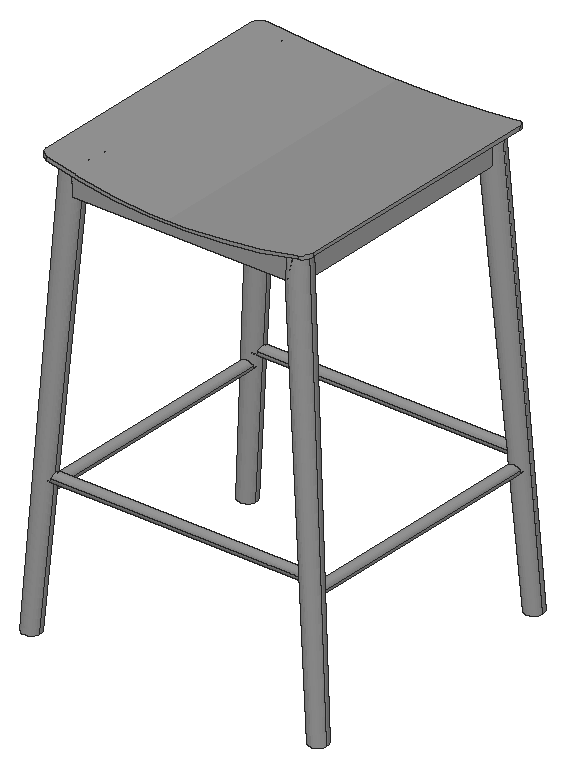
Revit family "Andreu World_Smile_BQ0350", category Mobiliario, Revit 2014
Parameters (values of type "BQ-0350")
  Width = 450 mm
  Upholstery = Andreu World Fabric
  URL = "https://www.andreuworld.com/workspaces"
  Structure Finish H = Andreu World Beech H
  Structure Finish = Andreu World Beech V
  Reference = "BQ-0350"  # constant formula
  Modelo = "Smile"  # constant formula
  Metal = Andreu World Polished Chrome Finish
  Height = 655 mm
  Fabricante = "Andreu World"  # constant formula
  Descripción = "Backless counter stool with upholstered seat and solid beech wood frame"  # constant formula
  Depth = 425 mm
Reference planes
  plane 1 "Centro (Frontal/Posterior)": y = 0
  plane 2: z = 0
  plane 3 "Centro (Izquierda/Derecha)": x = 0
  plane 4: y = 212.5
  plane 5: x = 225
  plane 6: y = -212.5
  plane 7: x = -225
  plane 8: z = 640
Forms (mm)
  Blend 1, solid, material "Andreu World Beech V" <- "Structure Finish", detail levels medium+fine
    base sketch origin (0, 0, 0) x (1, 0, 0) y (0, 1, 0)
      loop
        circle (-212, 199.5) r 13
    top sketch origin (0, 0, 0) x (1, 0, 0) y (0, 1, 0)
      loop
        circle (-165.623, 177.781) r 17
    from 0 to 631.923
  Blend 2, solid, material "Andreu World Beech V" <- "Structure Finish", detail levels medium+fine
    base sketch origin (0, 0, 0) x (1, 0, 0) y (0, 1, 0)
      loop
        circle (-212, -199.5) r 13
    top sketch origin (0, 0, 0) x (1, 0, 0) y (0, 1, 0)
      loop
        circle (-165.623, -177.781) r 17
    from 0 to 631.923
  Blend 3, solid, material "Andreu World Beech V" <- "Structure Finish", detail levels medium+fine
    base sketch origin (0, 0, 0) x (-1, 0, 0) y (0, -1, 0)
      loop
        circle (-212, -199.5) r 13
    top sketch origin (0, 0, 0) x (-1, 0, 0) y (0, -1, 0)
      loop
        circle (-165.623, -177.781) r 17
    from 0 to 631.923
  Blend 4, solid, material "Andreu World Beech V" <- "Structure Finish", detail levels medium+fine
    base sketch origin (0, 0, 0) x (-1, 0, 0) y (0, -1, 0)
      loop
        circle (-212, 199.5) r 13
    top sketch origin (0, 0, 0) x (-1, 0, 0) y (0, -1, 0)
      loop
        circle (-165.623, 177.781) r 17
    from 0 to 631.923
  Extrusion 5, solid, material "Andreu World Polished Chrome Finish" <- "Metal", detail levels medium+fine
    sketch origin (0, 0, 0) x (1, 0, 0) y (0, 0, 1)
      loop
        circle (-197.651, 190) r 8
      loop
        circle (197.651, 190) r 8
    from -191.207 to 190.224
  Extrusion 6, solid, material "Andreu World Polished Chrome Finish" <- "Metal", detail levels medium+fine
    sketch origin (0, 0, 0) x (0, 1, 0) y (0, 0, 1)
      loop
        circle (-191.381, 209.928) r 8
      loop
        circle (191.381, 209.928) r 8
    from -195.956 to 197.92
  Blend 7, solid, material "Andreu World Beech H" <- "Structure Finish H", detail levels medium+fine
    base sketch origin (0, 0, 0) x (1, 0, 0) y (0, 1, 0)
      loop
        line (-161.053, 162.705) -> (161.518, 162.705) -> (161.518, 192.18) -> (-161.053, 192.18) -> (-161.053, 162.705)
    top sketch origin (0, 0, 0) x (1, 0, 0) y (0, 1, 0)
      loop
        line (-171.56, 193.71) -> (-171.56, 165.711) -> (171.496, 165.711) -> (171.496, 193.71) -> (-171.56, 193.71)
    from 590.823 to 631.923
  Blend 8, solid, material "Andreu World Beech H" <- "Structure Finish H", detail levels medium+fine
    base sketch origin (0, 0, 0) x (1, 0, 0) y (0, 1, 0)
      loop
        line (-161.053, -162.705) -> (-161.053, -192.18) -> (161.518, -192.18) -> (161.518, -162.705) -> (-161.053, -162.705)
    top sketch origin (0, 0, 0) x (1, 0, 0) y (0, 1, 0)
      loop
        line (-171.56, -193.71) -> (171.496, -193.71) -> (171.496, -165.711) -> (-171.56, -165.711) -> (-171.56, -193.71)
    from 590.823 to 631.923
  Extrusion 9, solid, material "Andreu World Beech H" <- "Structure Finish H", detail levels medium+fine
    sketch origin (0, 0, 0) x (1, 0, 0) y (0, 1, 0)
      loop
        line (-177.395, 167.303) -> (-177.395, -165.711) -> (-147.395, -165.711) -> (-147.395, 167.303) -> (-177.395, 167.303)
      loop
        line (177.395, 167.303) -> (147.395, 167.303) -> (147.395, -165.711) -> (177.395, -165.711) -> (177.395, 167.303)
    from 590.823 to 631.923
  Extrusion 10, solid, material "Andreu World Fabric" <- "Upholstery", detail levels medium+fine
    sketch origin (0, 0, 0) x (1, 0, 0) y (0, 0, 1)
      loop
        line (-197.637, 640) -> (-197.637, 635)
        arc (-197.637, 635) -> (0, 617.785) -> (197.637, 635) r 1143.084
        line (197.637, 635) -> (197.637, 640)
        arc (197.637, 640) -> (0, 622.785) -> (-197.637, 640) r 1143.084
    from -216.837 to 230.723
  Extrusion 11, void
    sketch origin (0, 0, 0) x (1, 0, 0) y (0, 0, 1)
      loop
        line (-197.637, 677.618) -> (-197.637, 635)
        arc (-197.637, 635) -> (0, 617.785) -> (197.637, 635) r 1143.084
        line (197.637, 635) -> (197.637, 677.556)
        arc (197.637, 677.556) -> (-0.003, 660.371) -> (-197.637, 677.618) r 1143.084
    from -216.837 to 250
  Extrusion 12, void
    sketch origin (0, 0, 0) x (1, 0, 0) y (0, 1, 0)
      loop
        arc (-185.554, 203.336) -> (0, 212.5) -> (185.554, 203.336) r 1883.073
        arc (185.554, 203.336) -> (194.405, 198.734) -> (197.637, 189.295) r 13.424
        line (197.637, 189.295) -> (230.215, 189.295) -> (230.215, 245.911) -> (-230.215, 245.911) -> (-230.215, 189.295) -> (-197.637, 189.295)
        arc (-197.637, 189.295) -> (-194.405, 198.734) -> (-185.554, 203.336) r 13.424
      loop
        arc (-185.554, -203.336) -> (-194.405, -198.734) -> (-197.637, -189.295) r 13.424
        line (-197.637, -189.295) -> (-230.215, -189.295) -> (-230.215, -245.911) -> (230.215, -245.911) -> (230.215, -189.295) -> (197.637, -189.295)
        arc (197.637, -189.295) -> (194.405, -198.734) -> (185.554, -203.336) r 13.424
        arc (185.554, -203.336) -> (0, -212.5) -> (-185.554, -203.336) r 1883.073
    from 533.654 to 680.216
Cuts and joins
  Extrusion 11 cuts Blend 8
  Extrusion 11 cuts Blend 7
  Extrusion 12 cuts Extrusion 10
Lines and regions (mm)
  model lines, detail levels coarse+medium
    curve 1: arc (-185.554, 203.336, 0) -> (0, 212.5, 0) -> (185.554, 203.336, 0) r 1883.073
    curve 2: arc (-197.637, 190.66, 0) -> (-193.947, 199.24, 0) -> (-185.554, 203.336, 0) r 13.424
    curve 3: line (-197.637, 190.66, 0) -> (-197.637, -190.66, 0)
    curve 4: arc (-185.554, -203.336, 0) -> (-193.947, -199.24, 0) -> (-197.637, -190.66, 0) r 13.424
    curve 5: arc (185.554, -203.336, 0) -> (0, -212.5, 0) -> (-185.554, -203.336, 0) r 1883.073
    curve 6: arc (197.637, -190.66, 0) -> (193.947, -199.24, 0) -> (185.554, -203.336, 0) r 13.424
    curve 7: line (197.637, -190.66, 0) -> (197.637, 190.66, 0)
    curve 8: arc (185.554, 203.336, 0) -> (193.947, 199.24, 0) -> (197.637, 190.66, 0) r 13.424
    curve 9: arc (-208.627, -212.055, 0) -> (-223.511, -205.541, 0) -> (-220.415, -189.591, 0) r 13
    curve 10: line (-220.415, -189.591, 0) -> (-197.637, -176.44, 0)
    curve 11: line (-208.627, -212.055, 0) -> (-185.554, -203.336, 0)
    curve 12: arc (208.627, -212.055, 0) -> (223.511, -205.541, 0) -> (220.415, -189.591, 0) r 13
    curve 13: line (220.415, -189.591, 0) -> (197.637, -176.44, 0)
    curve 14: line (208.627, -212.055, 0) -> (185.554, -203.336, 0)
    curve 15: arc (208.627, 212.055, 0) -> (223.511, 205.541, 0) -> (220.415, 189.591, 0) r 13
    curve 16: line (220.415, 189.591, 0) -> (197.637, 176.44, 0)
    curve 17: line (208.627, 212.055, 0) -> (185.554, 203.336, 0)
    curve 18: arc (-208.627, 212.055, 0) -> (-223.511, 205.541, 0) -> (-220.415, 189.591, 0) r 13
    curve 19: line (-220.415, 189.591, 0) -> (-197.637, 176.44, 0)
    curve 20: line (-208.627, 212.055, 0) -> (-185.554, 203.336, 0)
    curve 21: line (-205.969, -181.251, 0) -> (-205.969, 181.251, 0)
    curve 22: line (205.969, -181.251, 0) -> (205.969, 181.251, 0)
Dimensions and locks
  equal spacing: plane 7, plane 3 "Centro (Izquierda/Derecha)", plane 5
  "Width": plane 7 to plane 5
  equal spacing: plane 4, plane 1 "Centro (Frontal/Posterior)", plane 6
  "Depth": plane 4 to plane 6
  aligned and locked: level to plane 2
Automatic sketch dimensions
  plane 7 to Blend 1 sketch curve = 13 mm
  Blend 1 sketch curve to plane 4 = 13 mm
  plane 7 to Blend 1 sketch curve = 59.377 mm
  Blend 1 sketch curve to plane 4 = 34.719 mm
  Blend 2 sketch curve to plane 7 = 13 mm
  Blend 2 sketch curve to plane 6 = 13 mm
  Blend 2 sketch curve to plane 7 = 59.377 mm
  Blend 2 sketch curve to plane 6 = 34.719 mm
  plane 5 to Blend 3 sketch curve = 13 mm
  plane 4 to Blend 3 sketch curve = 13 mm
  plane 5 to Blend 3 sketch curve = 59.377 mm
  plane 4 to Blend 3 sketch curve = 34.719 mm
  Blend 4 sketch curve to plane 5 = 13 mm
  plane 6 to Blend 4 sketch curve = 13 mm
  Blend 4 sketch curve to plane 5 = 59.377 mm
  plane 6 to Blend 4 sketch curve = 34.719 mm
  plane 7 to Extrusion 5 sketch curve = 27.349 mm
  Extrusion 5 sketch curve to plane 5 = 27.349 mm
  level to Extrusion 5 sketch curve = 190 mm  (x2)
  plane 6 to Extrusion 6 sketch curve = 21.119 mm
  Extrusion 6 sketch curve to plane 4 = 21.119 mm
  level to Extrusion 6 sketch curve = 209.928 mm  (x2)
  Blend 7 sketch curve to plane 4 = 20.32 mm
  plane 7 to Blend 7 sketch curve = 63.947 mm
  Blend 7 sketch curve to plane 5 = 63.482 mm
  Blend 7 sketch curve to Blend 7 sketch curve = 29.475 mm
  plane 7 to Blend 7 sketch curve = 53.44 mm
  Blend 7 sketch curve to plane 5 = 53.504 mm
  Blend 7 sketch curve to plane 4 = 46.789 mm
  Blend 7 sketch curve to plane 4 = 18.79 mm
  Blend 8 sketch curve to plane 6 = 20.32 mm
  Blend 8 sketch curve to plane 7 = 63.947 mm
  plane 5 to Blend 8 sketch curve = 63.482 mm
  Blend 8 sketch curve to Blend 8 sketch curve = 29.475 mm
  Blend 8 sketch curve to plane 7 = 53.44 mm
  plane 5 to Blend 8 sketch curve = 53.504 mm
  Blend 8 sketch curve to plane 6 = 46.789 mm
  Blend 8 sketch curve to plane 6 = 18.79 mm
  plane 7 to Extrusion 9 sketch curve = 47.605 mm
  Extrusion 9 sketch curve to Extrusion 9 sketch curve = 30 mm  (x2)
  Extrusion 9 sketch curve to plane 5 = 77.605 mm
  plane 6 to Extrusion 9 sketch curve = 46.789 mm  (x2)
  Extrusion 9 sketch curve to plane 4 = 45.197 mm  (x2)
  Extrusion 10 sketch curve to plane 8 = 0 mm  (x2)
  Extrusion 10 sketch curve to plane 3 "Centro (Izquierda/Derecha)" = 0 mm  (x2)
  plane 7 to Extrusion 10 sketch curve = 27.363 mm
  Extrusion 10 sketch curve to plane 8 = 5 mm
  plane 8 to Extrusion 10 sketch curve = 1120.869 mm
  Extrusion 10 sketch curve to Extrusion 10 sketch curve = 5 mm
  Extrusion 11 sketch curve to plane 3 "Centro (Izquierda/Derecha)" = 0 mm
  plane 7 to Extrusion 11 sketch curve = 27.363 mm
  plane 3 "Centro (Izquierda/Derecha)" to Extrusion 11 sketch curve = 0.177 mm
  Extrusion 11 sketch curve to plane 5 = 27.363 mm
  Extrusion 11 sketch curve to plane 8 = 5 mm
  plane 8 to Extrusion 11 sketch curve = 37.556 mm
  Extrusion 11 sketch curve to Extrusion 11 sketch curve = 42.618 mm
  Extrusion 11 sketch curve to Extrusion 11 sketch curve = 42.587 mm
  Extrusion 12 sketch curve to plane 3 "Centro (Izquierda/Derecha)" = 0 mm  (x2)
  plane 6 to Extrusion 12 sketch curve = 22.522 mm  (x2)
  plane 7 to Extrusion 12 sketch curve = 40.769 mm  (x2)
  Extrusion 12 sketch curve to plane 4 = 22.522 mm  (x2)
  Extrusion 12 sketch curve to Extrusion 12 sketch curve = 13.406 mm  (x4)
  Extrusion 12 sketch curve to plane 7 = 5.215 mm  (x2)
  Extrusion 12 sketch curve to plane 5 = 40.769 mm  (x2)
  plane 5 to Extrusion 12 sketch curve = 5.215 mm  (x2)
  Extrusion 12 sketch curve to plane 6 = 33.411 mm
  Extrusion 12 sketch curve to Extrusion 12 sketch curve = 1424.663 mm  (x2)
  plane 6 to Extrusion 12 sketch curve = 23.205 mm
  Extrusion 12 sketch curve to Extrusion 12 sketch curve = 0.683 mm
  Extrusion 12 sketch curve to plane 4 = 23.205 mm  (x2)
  plane 4 to Extrusion 12 sketch curve = 33.411 mm
  Extrusion 12 sketch curve to Extrusion 12 sketch curve = 0 mm  (x2)
  curve 5 to plane 3 "Centro (Izquierda/Derecha)" = 0 mm
  curve 1 to plane 3 "Centro (Izquierda/Derecha)" = 0 mm
  plane 7 to curve 2 = 40.769 mm
  plane 7 to curve 4 = 40.769 mm
  plane 6 to curve 11 = 9.164 mm
  curve 11 to curve 4 = 1.323 mm
  curve 20 to plane 4 = 9.164 mm
  curve 20 to curve 2 = 1.323 mm
  curve 3 to curve 2 = 13.406 mm
  plane 6 to curve 11 = 0.445 mm
  plane 7 to curve 11 = 16.373 mm
  curve 20 to plane 4 = 0.445 mm
  plane 7 to curve 20 = 16.373 mm
  curve 9 to curve 9 = 3.373 mm
  plane 7 to curve 18 = 13 mm
  plane 7 to curve 19 = 4.585 mm
  plane 7 to curve 10 = 4.585 mm
  curve 6 to plane 5 = 40.769 mm
  curve 8 to plane 5 = 40.769 mm
  curve 17 to plane 1 "Centro (Frontal/Posterior)" = 203.336 mm
  plane 1 "Centro (Frontal/Posterior)" to curve 14 = 203.336 mm
  curve 6 to curve 7 = 13.406 mm
  curve 17 to plane 4 = 0.445 mm
  curve 17 to plane 5 = 16.373 mm
  plane 6 to curve 14 = 0.445 mm
  curve 14 to plane 5 = 16.373 mm
  curve 12 to plane 5 = 13 mm
  curve 15 to plane 5 = 13 mm
  curve 13 to plane 5 = 4.585 mm
  curve 16 to plane 5 = 4.585 mm
  curve 1 to plane 6 = 1458.073 mm
  plane 6 to curve 9 = 13 mm
  curve 12 to curve 12 = 12.555 mm
  curve 12 to curve 7 = 8.84 mm
  curve 19 to curve 3 = 1.069 mm
  curve 16 to curve 7 = 1.069 mm
  curve 21 to curve 19 = 8.332 mm
  curve 13 to curve 22 = 8.332 mm
  curve 6 to curve 22 = 9.409 mm
  curve 4 to curve 21 = 9.409 mm
  curve 19 to curve 2 = 14.22 mm
  curve 16 to curve 8 = 14.22 mm
  radius of Blend 1 sketch curve = 13 mm
  radius of Blend 1 sketch curve = 17 mm
  radius of Blend 2 sketch curve = 13 mm
  radius of Blend 2 sketch curve = 17 mm
  radius of Blend 3 sketch curve = 13 mm
  radius of Blend 3 sketch curve = 17 mm
  radius of Blend 4 sketch curve = 13 mm
  radius of Blend 4 sketch curve = 17 mm
  radius of Extrusion 5 sketch curve = 8 mm  (x2)
  radius of Extrusion 6 sketch curve = 8 mm  (x2)
